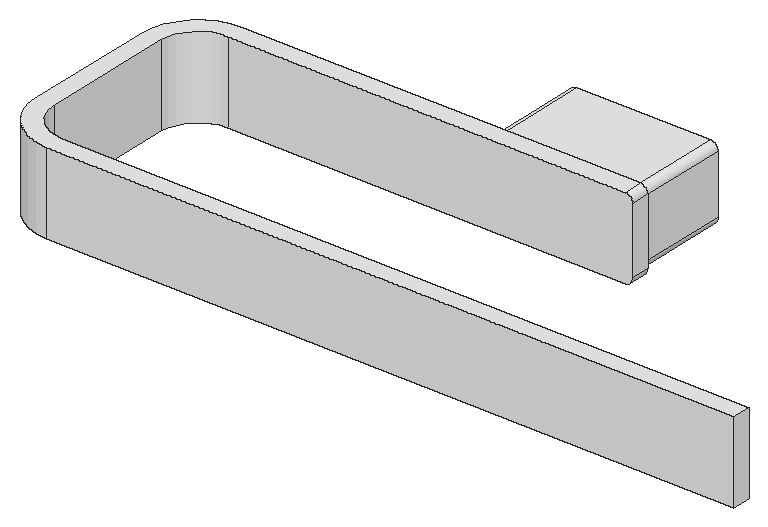
Revit family "rba-bim-rba1643-103", category Plumbing Fixtures, Revit 2016
Family settings
  Part Type = Normal
  Round Connector Dimension = Use Diameter
  Work Plane-Based = No
  Always vertical = Yes
  Cut with Voids When Loaded = No
  Shared = Yes
  Room Calculation Point = No
Parameters (values of type "RBA1643-103")
  Watermarked By = "www.rba.com.au"
  Waste Connection = yes
  Vent Connection = yes
  URL = ""
  Phone Number = "1300 788 778"
  Modified Issue = "20190225.01"
  Model = "RBA1643-103"
  Materials and Finishes = Chrome Plated Brass
  Manufacturer Model = ""
  Manufacturer = "RBA Group"  # constant formula
  HW Connection = yes
  Description = "äska Towel Loop"
  Copyright by = "RBA Group"  # constant formula
  CW Connection = yes
Reference planes
  plane 1 "Center (Front/Back)": y = 0
  plane 2: z = 0
  plane 3 "Center (Left/Right)": x = 0
Forms (mm)
  Extrusion 1, solid, material "Chrome Plated Brass" <- "Materials and Finishes"
    sketch origin (-4.605, 0, 0) x (1, 0, 0) y (0, 0, 1)
      loop
        arc (-13.395, 21) -> (-14.81, 20.414) -> (-15.395, 19) r 2
        line (-15.395, 19) -> (-15.395, 3)
        arc (-15.395, 3) -> (-14.81, 1.586) -> (-13.395, 1) r 2
        line (-13.395, 1) -> (22.605, 1)
        arc (22.605, 1) -> (24.019, 1.586) -> (24.605, 3) r 2
        line (24.605, 3) -> (24.605, 19)
        arc (24.605, 19) -> (24.019, 20.414) -> (22.605, 21) r 2
        line (22.605, 21) -> (-13.395, 21)
    from 0 to 25
  Extrusion 2, solid, material "Chrome Plated Brass" <- "Materials and Finishes"
    sketch origin (0, 0, 0) x (1, 0, 0) y (0, 1, 0)
      loop
        line (21, -30) -> (21, -25) -> (-88, -25)
        arc (-88, -25) -> (-98.607, -29.393) -> (-103, -40) r 15
        line (-103, -40) -> (-103, -76)
        arc (-103, -76) -> (-98.607, -86.607) -> (-88, -91) r 15
        line (-88, -91) -> (97, -91) -> (97, -86) -> (-88, -86)
        arc (-88, -86) -> (-95.071, -83.071) -> (-98, -76) r 10
        line (-98, -76) -> (-98, -40)
        arc (-98, -40) -> (-95.071, -32.929) -> (-88, -30) r 10
        line (-88, -30) -> (21, -30)
    from 0 to 22
  Extrusion 3, void
    sketch origin (0, 0, 0) x (1, 0, 0) y (0, 0, 1)
      loop
        arc (19.128, 22) -> (20.459, 21.372) -> (21, 20.004) r 2
        line (21, 20.004) -> (21, 1.996)
        arc (21, 1.996) -> (20.459, 0.628) -> (19.128, 0) r 2
        line (19.128, 0) -> (21.872, 0) -> (21.872, 22) -> (19.128, 22)
    from 25 to 30
Cuts and joins
  Extrusion 3 cuts Extrusion 2
Dimensions and locks
  aligned and locked: plane 2 to level
